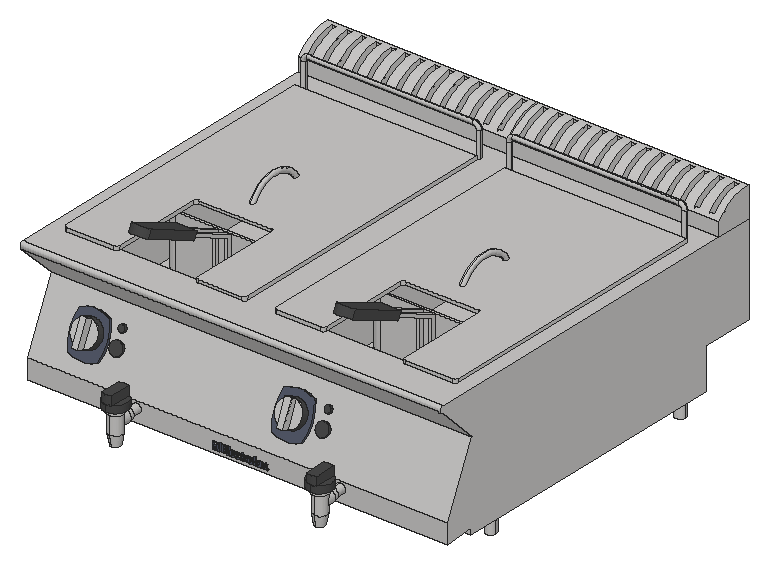
Revit family "QF_ELECTROLUXPROFESSIONAL_371423_E7KKBTAOMEI", category Attrezzature speciali, Revit 2018
Family settings
  Quota connettore circolare = Usa diametro
  Tipo di parte = Normale
  Basato su piano di lavoro = No
  Sempre verticale = Sì
  Taglio con vuoti quando caricato = No
  Condiviso = No
  Punto di calcolo locali = No
Parameters (values of type "Standard")
  Weight = 47.00 kg
  Watts = 0 W
  Volts = 0 V
  URL Manufacturer = "https://www.electroluxprofessional.com/"
  URL = "https://www.electroluxprofessional.com/"
  Steam Supply Size = 0"
  Steam Supply Minimum Pressure = 0.00 psi
  Steam Supply Maximum Pressure = 0.00 psi
  Steam Consumption per Hour = 0
  Show Logo [instance] = yes
  Show Clearance [instance] = yes
  Refrigeration Suction Line Size = 0.00 mm
  Refrigeration Liquid Line Size = 0.00 mm
  Refrigerant Compressor Remote = yes
  Phase = 0
  Modello = "E7KKBTAOMEI"
  Produttore = "Electrolux Professional"
  Length Actual = 800.00 mm  # constant formula
  Item Number = "371423"
  Hot Water Size = 0"
  Height Actual = 250.00 mm  # constant formula
  HP = "0 HP"
  Gas Size = 1/2"
  Gas KW = 14
  Gas Input Pressure = 0.469158 Btu/h
  Direct Waste Size = 0"
  Descrizione = "2X7 LITRE GAS FRYER TOP 800MM - QMARK"
  Depth Actual = 730.00 mm  # constant formula
  Cycle = 0 Hz
  Condensate Return Size = 0"
  Compressed Air Volume = 0 GPM
  Compressed Air Size = 0"
  Compressed Air Pressure = 0.00 psi
  Cold Water Size = 0"
  Base Height [instance] = 25.40 mm  # constant formula
  Accessory = yes
Values of the unnamed type that differ from the named types
  Weight = 0.00 kg
  URL Manufacturer = ""
  Item Number = ""
  HP = ""
  Gas KW = 0
  Gas Input Pressure = 0.0 Btu/h
Reference planes
  plane 1 "BACK": y = 0
  plane 2: z = 0
  plane 3 "LEFT": x = 0
  plane 4 "RIGHT": x = 800
  plane 5 "FRONT": y = -730
  plane 6 "TOP": z = 333
  plane 7 "Center Y": x = 400
  plane 8 "Center X": y = -365
  plane 9 "BASE": z = 25.4
  plane 10 "TOP A": z = 274.638
  plane 11: y = -597.884
  plane 12: y = -147.637
  plane 13: z = 366.713
Forms (mm)
  Extrusion 1, solid, material "QF_Finishes_Stainless Steel"
    sketch origin (0, 0, 0) x (0, 1, 0) y (0, 0, 1)
      loop
        line (0, 274.638) -> (-725.027, 274.638)
        arc (-725.027, 274.638) -> (-730.893, 270.718) -> (-729.517, 263.797) r 6.35
        line (-729.517, 263.797) -> (-657.416, 191.447) -> (-713.522, 70.59) -> (-713.522, 32.49) -> (-660.4, 38.1) -> (-660.4, 25.4) -> (-101.6, 25.4) -> (-101.6, 103.188) -> (0, 103.188) -> (0, 274.638)
    from 0 to 800
  Extrusion 2, solid, material "QF_Finishes_Stainless Steel"
    sketch origin (0, 0, 0) x (0, 1, 0) y (0, 0, 1)
      loop
        line (0, 274.638) -> (0, 333)
        arc (0, 333) -> (-38.795, 324.72) -> (-69.85, 300.038) r 86.758
        line (-69.85, 300.038) -> (-69.85, 274.638) -> (0, 274.638)
    from 0 to 800
  Extrusion 3, void
    sketch origin (0, 0, 274.638) x (-1, 0, 0) y (0, -1, 0)
      loop
        line (-33.338, 147.762) -> (-33.338, 655.762) -> (-373.012, 655.762) -> (-373.012, 147.762) -> (-33.338, 147.762)
      loop
        line (-766.662, 655.762) -> (-766.662, 147.762) -> (-426.987, 147.762) -> (-426.987, 655.762) -> (-766.662, 655.762)
    from 0 to -152.4
  Extrusion 4, void
    sketch origin (0, 0, 274.638) x (-1, 0, 0) y (0, -1, 0)
      loop
        line (-13.453, 6.761) -> (-13.453, 63.911) -> (-22.749, 63.911) -> (-22.749, 6.761) -> (-13.453, 6.761)
    from 25.4 to 63.5
  Extrusion 5, solid, material "QF_Finishes_Stainless Steel"
    sketch origin (0, 0, 0) x (1, 0, 0) y (0, 1, 0)
      loop
        circle (11.112, -147.638) r 9.525
      loop
        circle (11.112, -597.884) r 9.525
      loop
        circle (788.887, -147.638) r 9.525
      loop
        circle (788.887, -597.884) r 9.525
    from 0 to 25.4
  Extrusion 6, solid, material "QF_Finishes_Navy Blue"
    sketch origin (-109.537, -713.522, 70.59) x (0, 0.421077, 0.907025) y (-1, 0, 0)
      loop
        arc (101.077, -565.788) -> (66.2, -558.771) -> (31.333, -565.832) r 89.894
        arc (31.333, -565.832) -> (24.638, -594.363) -> (31.333, -622.893) r 64.14
        arc (31.333, -622.893) -> (66.2, -629.955) -> (101.077, -622.938) r 89.894
        arc (101.077, -622.938) -> (107.792, -594.363) -> (101.077, -565.788) r 64.16
      loop
        arc (101.077, -177.065) -> (66.2, -170.048) -> (31.333, -177.11) r 89.894
        arc (31.333, -177.11) -> (24.638, -205.64) -> (31.333, -234.171) r 64.14
        arc (31.333, -234.171) -> (66.2, -241.236) -> (101.077, -234.215) r 89.853
        arc (101.077, -234.215) -> (107.792, -205.64) -> (101.077, -177.065) r 64.16
    from 0 to 3.175
  Extrusion 7, solid, material "QF_Finishes_Stainless Steel"
    sketch origin (-109.537, -716.402, 71.927) x (0, 0.421077, 0.907025) y (-1, 0, 0)
      loop
        circle (68.826, -594.351) r 25.4
      loop
        circle (68.826, -205.413) r 25.4
    from 0 to 12.7
  Extrusion 8, solid, material "QF_Finishes_Stainless Steel"
    sketch origin (-109.537, -727.921, 77.275) x (0, 0.421077, 0.907025) y (-1, 0, 0)
      loop
        arc (93.558, -600.137) -> (94.226, -594.351) -> (93.558, -588.564) r 25.4
        line (93.558, -588.564) -> (44.094, -588.564)
        arc (44.094, -588.564) -> (43.426, -594.351) -> (44.094, -600.137) r 25.4
        line (44.094, -600.137) -> (93.558, -600.137)
      loop
        arc (93.558, -211.199) -> (94.226, -205.413) -> (93.558, -199.627) r 25.4
        line (93.558, -199.627) -> (44.094, -199.627)
        arc (44.094, -199.627) -> (43.426, -205.413) -> (44.094, -211.199) r 25.4
        line (44.094, -211.199) -> (93.558, -211.199)
    from 0 to 12.7
  Extrusion 9, solid, material "QF_Finishes_Black"
    sketch origin (11.113, -713.522, 70.59) x (0, 0.421077, 0.907025) y (-1, 0, 0)
      loop
        circle (93.566, -530.485) r 6.35
      loop
        circle (93.566, -138.473) r 6.35
    from 0 to 3.175
  Extrusion 10, solid, material "QF_Finishes_Black"
    sketch origin (11.113, -708.843, 80.67) x (0, 0.421077, 0.907025) y (-1, 0, 0)
      loop
        circle (50.809, -530.485) r 12.7
      loop
        circle (50.809, -138.473) r 12.7
    from 0 to 3.175
  Revolve 11, solid, material "QF_Finishes_Stainless Steel"
    sketch origin (206.375, 0, 0) x (0, 1, 0) y (0, 0, 1)
      loop
        line (-762.926, 17.277) -> (-753.917, 17.277) -> (-750.301, 37.788) -> (-750.301, 74.129) -> (-747.023, 74.129) -> (-747.023, 82.008) -> (-740.673, 82.008) -> (-740.673, 94.708) -> (-762.926, 94.708) -> (-762.926, 17.277)
      axis (-762.926, 17.277) -> (-762.926, 94.708)
    angle from 0 to 360
  Revolve 12, solid, material "QF_Finishes_Stainless Steel"
    sketch origin (206.375, 0, 0) x (0, 1, 0) y (0, 0, 1)
      loop
        line (-713.522, 57.15) -> (-764.322, 57.15) -> (-764.322, 44.847) -> (-742.357, 44.847) -> (-742.357, 46.549) -> (-733.364, 46.549) -> (-733.364, 48.596) -> (-713.522, 48.596) -> (-713.522, 57.15)
      axis (-764.322, 57.15) -> (-713.522, 57.15)
    angle from 0 to 360
  Revolve 13, solid, material "QF_Finishes_Stainless Steel"
    sketch origin (595.312, 0, 0) x (0, 1, 0) y (0, 0, 1)
      loop
        line (-762.926, 17.277) -> (-753.917, 17.277) -> (-750.301, 37.788) -> (-750.301, 74.129) -> (-747.023, 74.129) -> (-747.023, 82.008) -> (-740.673, 82.008) -> (-740.673, 94.708) -> (-762.926, 94.708) -> (-762.926, 17.277)
      axis (-762.926, 17.277) -> (-762.926, 94.708)
    angle from 0 to 360
  Revolve 14, solid, material "QF_Finishes_Stainless Steel"
    sketch origin (595.312, 0, 0) x (0, 1, 0) y (0, 0, 1)
      loop
        line (-713.522, 57.15) -> (-764.322, 57.15) -> (-764.322, 44.847) -> (-742.357, 44.847) -> (-742.357, 46.549) -> (-733.364, 46.549) -> (-733.364, 48.596) -> (-713.522, 48.596) -> (-713.522, 57.15)
      axis (-764.322, 57.15) -> (-713.522, 57.15)
    angle from 0 to 360
  Extrusion 15, solid, material "QF_Finishes_Black"
    sketch origin (206.375, -762.926, 94.708) x (0, 1, 0) y (-1, 0, 0)
      loop
        line (20.063, 9.626) -> (-20.063, 9.626)
        arc (-20.063, 9.626) -> (-22.253, 0) -> (-20.063, -9.626) r 22.253
        line (-20.063, -9.626) -> (20.063, -9.626)
        arc (20.063, -9.626) -> (22.253, 0) -> (20.063, 9.626) r 22.253
      loop
        line (20.063, -379.312) -> (-20.063, -379.312)
        arc (-20.063, -379.312) -> (-22.253, -388.937) -> (-20.063, -398.563) r 22.253
        line (-20.063, -398.563) -> (20.063, -398.563)
        arc (20.063, -398.563) -> (22.253, -388.937) -> (20.063, -379.312) r 22.253
    from 0 to 16.412
  Extrusion 16, solid, material "QF_Finishes_Stainless Steel"
    sketch origin (0, -101.6, 103.188) x (0, 0, -1) y (-1, 0, 0)
      loop
        circle (43.882, -736.5) r 6.35
    from 0 to 12.7
  Extrusion 17, solid, material "QF_Finishes_Clearance", visible <- "Show Clearance", detail levels coarse
    sketch origin (0, 0, 0) x (1, 0, 0) y (0, 1, 0)
      loop
        line (0, -731.377) -> (0, 0) -> (800, 0) -> (800, -731.377) -> (950.019, -731.377) -> (950.019, 150.019) -> (-150.019, 150.019) -> (-150.019, -731.377) -> (0, -731.377)
    from 0 to 333
  Extrusion 18, solid, material "QF_Finishes_Stainless Steel"
    sketch origin (0, 0, 274.638) x (-1, 0, 0) y (0, -1, 0)
      loop
        arc (-26.988, 655.762) -> (-28.847, 660.252) -> (-33.338, 662.112) r 6.35
        line (-33.338, 662.112) -> (-122.238, 662.112)
        arc (-122.238, 662.112) -> (-126.728, 660.252) -> (-128.588, 655.762) r 6.35
        line (-128.588, 655.762) -> (-128.588, 481.012)
        arc (-128.588, 481.012) -> (-130.447, 476.521) -> (-134.938, 474.662) r 6.35
        line (-134.938, 474.662) -> (-271.412, 474.662)
        arc (-271.412, 474.662) -> (-275.903, 476.521) -> (-277.762, 481.012) r 6.35
        line (-277.762, 481.012) -> (-277.762, 655.762)
        arc (-277.762, 655.762) -> (-279.622, 660.252) -> (-284.112, 662.112) r 6.35
        line (-284.112, 662.112) -> (-366.662, 662.112)
        arc (-366.662, 662.112) -> (-371.153, 660.252) -> (-373.012, 655.762) r 6.35
        line (-373.012, 655.762) -> (-373.012, 112.837) -> (-26.988, 112.837) -> (-26.988, 655.762)
      loop
        line (-773.012, 655.762) -> (-773.012, 112.837) -> (-426.987, 112.837) -> (-426.987, 655.762)
        arc (-426.987, 655.762) -> (-428.847, 660.252) -> (-433.337, 662.112) r 6.35
        line (-433.337, 662.112) -> (-515.887, 662.112)
        arc (-515.887, 662.112) -> (-520.378, 660.252) -> (-522.237, 655.762) r 6.35
        line (-522.237, 655.762) -> (-522.237, 481.012)
        arc (-522.237, 481.012) -> (-524.097, 476.521) -> (-528.587, 474.662) r 6.35
        line (-528.587, 474.662) -> (-665.062, 474.662)
        arc (-665.062, 474.662) -> (-669.553, 476.521) -> (-671.412, 481.012) r 6.35
        line (-671.412, 481.012) -> (-671.412, 655.762)
        arc (-671.412, 655.762) -> (-673.272, 660.252) -> (-677.762, 662.112) r 6.35
        line (-677.762, 662.112) -> (-766.662, 662.112)
        arc (-766.662, 662.112) -> (-771.153, 660.252) -> (-773.012, 655.762) r 6.35
    from 0 to 6.35
  Sweep 19, solid, material "QF_Finishes_Stainless Steel"
    path origin (0, 36.513, 0) x (1, 0, 0) y (0, 0, 1)
      loop
        line (39.688, 274.638) -> (39.688, 323.475)
        arc (39.688, 323.475) -> (41.547, 327.965) -> (46.038, 329.825) r 6.35
        line (46.038, 329.825) -> (362.669, 329.825)
        arc (362.669, 329.825) -> (367.16, 327.965) -> (369.019, 323.475) r 6.35
        line (369.019, 323.475) -> (369.019, 274.637)
    profile origin (39.688, 36.513, 299.056) x (-1, 0, 0) y (0, -1, 0)
      loop
        circle (2.09, 140.754) r 3.827
  Extrusion 20, solid, material "QF_Finishes_Black"
    sketch origin (271.462, -708.83, 366.66) x (0, 0.906308, -0.422618) y (-1, 0, 0)
      loop
        line (10.103, 47.37) -> (128.716, 47.37) -> (128.716, 84.605) -> (10.103, 84.605)
        arc (10.103, 84.605) -> (-0.124, 65.987) -> (10.103, 47.37) r 22.059
    from -15.884 to 0
  Extrusion 21, solid, material "QF_Finishes_Stainless Steel"
    sketch origin (271.463, 41.275, 0) x (0, 1, 0) y (0, 0, 1)
      loop
        line (-547.91, 165.638) -> (-547.91, 267.115) -> (-635.463, 307.942) -> (-638.147, 302.187) -> (-554.26, 263.07) -> (-554.26, 165.638) -> (-547.91, 165.638)
    from -80.476 to -74.619
  Extrusion 22, solid, material "QF_Finishes_Stainless Steel"
    sketch origin (139.588, 41.275, 0) x (0, 1, 0) y (0, 0, -1)
      loop
        line (-554.26, -263.07) -> (-638.147, -302.187) -> (-635.463, -307.942) -> (-547.91, -267.115) -> (-547.91, -165.638) -> (-554.26, -165.638) -> (-554.26, -263.07)
    from -80.476 to -74.619
  Sweep 23, solid, material "QF_Finishes_Stainless Steel"
    path origin (200.025, -0.124, 0) x (0, 1, 0) y (0, 0, 1)
      loop
        arc (-323.261, 274.638) -> (-377.7, 308.416) -> (-432.139, 274.638) r 60.757
    profile origin (200.025, -377.824, 308.416) x (0, 0, -1) y (1, 0, 0)
      loop
        circle (0, 0) r 4.353
  Sweep 24, solid, material "QF_Finishes_Stainless Steel"
    path origin (600.075, -0.124, 0) x (0, 1, 0) y (0, 0, -1)
      loop
        arc (-323.261, -274.638) -> (-377.7, -308.416) -> (-432.139, -274.638) r 60.757
    profile origin (600.075, -377.824, 308.416) x (0, 0, 1) y (-1, 0, 0)
      loop
        circle (0, 0) r 4.353
  Extrusion 25, solid, material "QF_Finishes_Black"
    sketch origin (528.637, -708.83, 366.66) x (0, 0.906308, -0.422618) y (-1, 0, 0)
      loop
        arc (10.103, -47.27) -> (-0.124, -65.887) -> (10.103, -84.505) r 22.059
        line (10.103, -84.505) -> (128.716, -84.505) -> (128.716, -47.27) -> (10.103, -47.27)
    from -15.884 to 0
  Extrusion 26, solid, material "QF_Finishes_Mesh"
    sketch origin (0, 0, 274.638) x (-1, 0, 0) y (0, -1, 0)
      loop
        arc (-116.625, 189.135) -> (-98.665, 196.575) -> (-91.225, 214.535) r 25.4
        line (-91.225, 214.535) -> (-91.225, 481.11)
        arc (-91.225, 481.11) -> (-98.665, 499.071) -> (-116.625, 506.51) r 25.4
        line (-116.625, 506.51) -> (-294.375, 506.51)
        arc (-294.375, 506.51) -> (-312.336, 499.071) -> (-319.775, 481.11) r 25.4
        line (-319.775, 481.11) -> (-319.775, 214.535)
        arc (-319.775, 214.535) -> (-312.336, 196.575) -> (-294.375, 189.135) r 25.4
        line (-294.375, 189.135) -> (-116.625, 189.135)
      loop
        arc (-116.625, 192.31) -> (-100.91, 198.82) -> (-94.4, 214.535) r 22.225
        line (-94.4, 214.535) -> (-94.4, 481.11)
        arc (-94.4, 481.11) -> (-100.91, 496.826) -> (-116.625, 503.335) r 22.225
        line (-116.625, 503.335) -> (-294.375, 503.335)
        arc (-294.375, 503.335) -> (-310.091, 496.826) -> (-316.6, 481.11) r 22.225
        line (-316.6, 481.11) -> (-316.6, 214.535)
        arc (-316.6, 214.535) -> (-310.091, 198.82) -> (-294.375, 192.31) r 22.225
        line (-294.375, 192.31) -> (-116.625, 192.31)
      loop
        line (-683.375, 189.135) -> (-505.625, 189.135)
        arc (-505.625, 189.135) -> (-487.664, 196.575) -> (-480.225, 214.535) r 25.4
        line (-480.225, 214.535) -> (-480.225, 481.11)
        arc (-480.225, 481.11) -> (-487.664, 499.071) -> (-505.625, 506.51) r 25.4
        line (-505.625, 506.51) -> (-683.375, 506.51)
        arc (-683.375, 506.51) -> (-701.335, 499.071) -> (-708.775, 481.11) r 25.4
        line (-708.775, 481.11) -> (-708.775, 214.535)
        arc (-708.775, 214.535) -> (-701.335, 196.575) -> (-683.375, 189.135) r 25.4
      loop
        line (-683.375, 192.31) -> (-505.625, 192.31)
        arc (-505.625, 192.31) -> (-489.909, 198.82) -> (-483.4, 214.535) r 22.225
        line (-483.4, 214.535) -> (-483.4, 481.11)
        arc (-483.4, 481.11) -> (-489.909, 496.826) -> (-505.625, 503.335) r 22.225
        line (-505.625, 503.335) -> (-683.375, 503.335)
        arc (-683.375, 503.335) -> (-699.09, 496.826) -> (-705.6, 481.11) r 22.225
        line (-705.6, 481.11) -> (-705.6, 214.535)
        arc (-705.6, 214.535) -> (-699.09, 198.82) -> (-683.375, 192.31) r 22.225
    from -109 to -5.315
  Extrusion 27, solid, material "QF_Finishes_Stainless Steel"
    sketch origin (528.637, 41.275, 0) x (0, 1, 0) y (0, 0, -1)
      loop
        line (-547.91, -165.638) -> (-554.26, -165.638) -> (-554.26, -263.07) -> (-638.147, -302.187) -> (-635.463, -307.942) -> (-547.91, -267.115) -> (-547.91, -165.638)
    from -80.476 to -74.619
  Extrusion 28, solid, material "QF_Finishes_Stainless Steel"
    sketch origin (660.512, 41.275, 0) x (0, 1, 0) y (0, 0, 1)
      loop
        line (-554.26, 263.07) -> (-554.26, 165.638) -> (-547.91, 165.638) -> (-547.91, 267.115) -> (-635.463, 307.942) -> (-638.147, 302.187) -> (-554.26, 263.07)
    from -80.476 to -74.619
  Sweep 29, solid, material "QF_Finishes_Stainless Steel"
    path origin (800.1, 36.513, 0) x (-1, 0, 0) y (0, 0, -1)
      loop
        line (39.788, -274.638) -> (39.788, -323.475)
        arc (39.788, -323.475) -> (41.647, -327.965) -> (46.138, -329.825) r 6.35
        line (46.138, -329.825) -> (362.769, -329.825)
        arc (362.769, -329.825) -> (367.26, -327.965) -> (369.119, -323.475) r 6.35
        line (369.119, -323.475) -> (369.119, -274.637)
    profile origin (760.312, 36.513, 299.056) x (-1, 0, 0) y (0, -1, 0)
      loop
        circle (-2.09, 140.754) r 3.827
  Extrusion 30, void
    sketch origin (361.95, 0, 274.638) x (-1, 0, 0) y (0, -1, 0)
      loop
        line (-13.403, 6.761) -> (-13.403, 63.911) -> (-22.699, 63.911) -> (-22.699, 6.761) -> (-13.403, 6.761)
    from 25.4 to 63.5
  Extrusion 31, void
    sketch origin (27.842, 0, 274.638) x (-1, 0, 0) y (0, -1, 0)
      loop
        line (-13.453, 6.761) -> (-13.453, 63.911) -> (-22.749, 63.911) -> (-22.749, 6.761) -> (-13.453, 6.761)
    from 25.4 to 63.5
  Extrusion 32, void
    sketch origin (55.685, 0, 274.638) x (-1, 0, 0) y (0, -1, 0)
      loop
        line (-13.453, 6.761) -> (-13.453, 63.911) -> (-22.749, 63.911) -> (-22.749, 6.761) -> (-13.453, 6.761)
    from 25.4 to 63.5
  Extrusion 33, void
    sketch origin (83.527, 0, 274.638) x (-1, 0, 0) y (0, -1, 0)
      loop
        line (-13.453, 6.761) -> (-13.453, 63.911) -> (-22.749, 63.911) -> (-22.749, 6.761) -> (-13.453, 6.761)
    from 25.4 to 63.5
  Extrusion 34, void
    sketch origin (111.369, 0, 274.638) x (-1, 0, 0) y (0, -1, 0)
      loop
        line (-13.453, 6.761) -> (-13.453, 63.911) -> (-22.749, 63.911) -> (-22.749, 6.761) -> (-13.453, 6.761)
    from 25.4 to 63.5
  Extrusion 35, void
    sketch origin (139.212, 0, 274.638) x (-1, 0, 0) y (0, -1, 0)
      loop
        line (-13.453, 6.761) -> (-13.453, 63.911) -> (-22.749, 63.911) -> (-22.749, 6.761) -> (-13.453, 6.761)
    from 25.4 to 63.5
  Extrusion 36, void
    sketch origin (167.054, 0, 274.638) x (-1, 0, 0) y (0, -1, 0)
      loop
        line (-13.453, 6.761) -> (-13.453, 63.911) -> (-22.749, 63.911) -> (-22.749, 6.761) -> (-13.453, 6.761)
    from 25.4 to 63.5
  Extrusion 37, void
    sketch origin (194.896, 0, 274.638) x (-1, 0, 0) y (0, -1, 0)
      loop
        line (-13.403, 6.761) -> (-13.403, 63.911) -> (-22.699, 63.911) -> (-22.699, 6.761) -> (-13.403, 6.761)
    from 25.4 to 63.5
  Extrusion 38, void
    sketch origin (222.738, 0, 274.638) x (-1, 0, 0) y (0, -1, 0)
      loop
        line (-13.403, 6.761) -> (-13.403, 63.911) -> (-22.699, 63.911) -> (-22.699, 6.761) -> (-13.403, 6.761)
    from 25.4 to 63.5
  Extrusion 39, void
    sketch origin (250.581, 0, 274.638) x (-1, 0, 0) y (0, -1, 0)
      loop
        line (-13.403, 6.761) -> (-13.403, 63.911) -> (-22.699, 63.911) -> (-22.699, 6.761) -> (-13.403, 6.761)
    from 25.4 to 63.5
  Extrusion 40, void
    sketch origin (278.423, 0, 274.638) x (-1, 0, 0) y (0, -1, 0)
      loop
        line (-13.403, 6.761) -> (-13.403, 63.911) -> (-22.699, 63.911) -> (-22.699, 6.761) -> (-13.403, 6.761)
    from 25.4 to 63.5
  Extrusion 41, void
    sketch origin (306.265, 0, 274.638) x (-1, 0, 0) y (0, -1, 0)
      loop
        line (-13.403, 6.761) -> (-13.403, 63.911) -> (-22.699, 63.911) -> (-22.699, 6.761) -> (-13.403, 6.761)
    from 25.4 to 63.5
  Extrusion 42, void
    sketch origin (334.108, 0, 274.638) x (-1, 0, 0) y (0, -1, 0)
      loop
        line (-13.403, 6.761) -> (-13.403, 63.911) -> (-22.699, 63.911) -> (-22.699, 6.761) -> (-13.403, 6.761)
    from 25.4 to 63.5
  Extrusion 43, void
    sketch origin (800.1, 0, 274.638) x (1, 0, 0) y (0, 1, 0)
      loop
        line (-13.553, -6.761) -> (-22.849, -6.761) -> (-22.849, -63.911) -> (-13.553, -63.911) -> (-13.553, -6.761)
    from 25.4 to 63.5
  Extrusion 44, void
    sketch origin (438.15, 0, 274.638) x (1, 0, 0) y (0, 1, 0)
      loop
        line (-13.503, -6.761) -> (-22.799, -6.761) -> (-22.799, -63.911) -> (-13.503, -63.911) -> (-13.503, -6.761)
    from 25.4 to 63.5
  Extrusion 45, void
    sketch origin (772.258, 0, 274.638) x (1, 0, 0) y (0, 1, 0)
      loop
        line (-13.553, -6.761) -> (-22.849, -6.761) -> (-22.849, -63.911) -> (-13.553, -63.911) -> (-13.553, -6.761)
    from 25.4 to 63.5
  Extrusion 46, void
    sketch origin (744.415, 0, 274.638) x (1, 0, 0) y (0, 1, 0)
      loop
        line (-13.553, -6.761) -> (-22.849, -6.761) -> (-22.849, -63.911) -> (-13.553, -63.911) -> (-13.553, -6.761)
    from 25.4 to 63.5
  Extrusion 47, void
    sketch origin (716.573, 0, 274.638) x (1, 0, 0) y (0, 1, 0)
      loop
        line (-13.553, -6.761) -> (-22.849, -6.761) -> (-22.849, -63.911) -> (-13.553, -63.911) -> (-13.553, -6.761)
    from 25.4 to 63.5
  Extrusion 48, void
    sketch origin (688.731, 0, 274.638) x (1, 0, 0) y (0, 1, 0)
      loop
        line (-13.553, -6.761) -> (-22.849, -6.761) -> (-22.849, -63.911) -> (-13.553, -63.911) -> (-13.553, -6.761)
    from 25.4 to 63.5
  Extrusion 49, void
    sketch origin (660.888, 0, 274.638) x (1, 0, 0) y (0, 1, 0)
      loop
        line (-13.553, -6.761) -> (-22.849, -6.761) -> (-22.849, -63.911) -> (-13.553, -63.911) -> (-13.553, -6.761)
    from 25.4 to 63.5
  Extrusion 50, void
    sketch origin (633.046, 0, 274.638) x (1, 0, 0) y (0, 1, 0)
      loop
        line (-13.553, -6.761) -> (-22.849, -6.761) -> (-22.849, -63.911) -> (-13.553, -63.911) -> (-13.553, -6.761)
    from 25.4 to 63.5
  Extrusion 51, void
    sketch origin (605.204, 0, 274.638) x (1, 0, 0) y (0, 1, 0)
      loop
        line (-13.503, -6.761) -> (-22.799, -6.761) -> (-22.799, -63.911) -> (-13.503, -63.911) -> (-13.503, -6.761)
    from 25.4 to 63.5
  Extrusion 52, void
    sketch origin (577.362, 0, 274.638) x (1, 0, 0) y (0, 1, 0)
      loop
        line (-13.503, -6.761) -> (-22.799, -6.761) -> (-22.799, -63.911) -> (-13.503, -63.911) -> (-13.503, -6.761)
    from 25.4 to 63.5
  Extrusion 53, void
    sketch origin (549.519, 0, 274.638) x (1, 0, 0) y (0, 1, 0)
      loop
        line (-13.503, -6.761) -> (-22.799, -6.761) -> (-22.799, -63.911) -> (-13.503, -63.911) -> (-13.503, -6.761)
    from 25.4 to 63.5
  Extrusion 54, void
    sketch origin (521.677, 0, 274.638) x (1, 0, 0) y (0, 1, 0)
      loop
        line (-13.503, -6.761) -> (-22.799, -6.761) -> (-22.799, -63.911) -> (-13.503, -63.911) -> (-13.503, -6.761)
    from 25.4 to 63.5
  Extrusion 55, void
    sketch origin (493.835, 0, 274.638) x (1, 0, 0) y (0, 1, 0)
      loop
        line (-13.503, -6.761) -> (-22.799, -6.761) -> (-22.799, -63.911) -> (-13.503, -63.911) -> (-13.503, -6.761)
    from 25.4 to 63.5
  Extrusion 56, void
    sketch origin (465.992, 0, 274.638) x (1, 0, 0) y (0, 1, 0)
      loop
        line (-13.503, -6.761) -> (-22.799, -6.761) -> (-22.799, -63.911) -> (-13.503, -63.911) -> (-13.503, -6.761)
    from 25.4 to 63.5
  Extrusion 57, void
    sketch origin (418.151, 0, 274.638) x (1, 0, 0) y (0, 1, 0)
      loop
        line (-16.563, 0) -> (-19.738, 0) -> (-19.738, -69.85) -> (-16.563, -69.85) -> (-16.563, 0)
    from 25.4 to 63.5
  Extrusion 58, solid, material "QF_Finishes_Navy Blue", visible <- "Show Logo"
    sketch origin (0, -713.522, 32.49) x (0, 0, 1) y (-1, 0, 0)
      loop
        line (20.674, -361.834) -> (8.307, -361.834)
        arc (8.307, -361.834) -> (14.491, -366.405) -> (20.674, -361.834) r 6.467
      loop
        arc (20.674, -361.205) -> (19.505, -356.062) -> (14.849, -353.584) r 6.338
        line (14.849, -353.584) -> (14.849, -355.63)
        arc (14.849, -355.63) -> (16.333, -359.285) -> (19.778, -361.205) r 5.941
        line (19.778, -361.205) -> (20.674, -361.205)
      loop
        arc (9.203, -361.205) -> (12.648, -359.285) -> (14.132, -355.63) r 5.941
        line (14.132, -355.63) -> (14.132, -353.584)
        arc (14.132, -353.584) -> (9.438, -356.058) -> (8.148, -361.205) r 6.504
        line (8.148, -361.205) -> (9.203, -361.205)
      loop
        line (21.349, -353.115) -> (7.604, -353.115) -> (7.604, -366.878) -> (21.349, -366.878) -> (21.349, -353.115)
      loop
        arc (21.432, -369.845) -> (21.085, -369.488) -> (20.718, -369.826) r 0.358
        arc (20.718, -369.826) -> (20.404, -370.576) -> (19.687, -370.961) r 1.216
        line (19.687, -370.961) -> (9.274, -370.961)
        arc (9.274, -370.961) -> (8.614, -370.683) -> (8.218, -370.087) r 1.238
        arc (8.218, -370.087) -> (7.823, -369.836) -> (7.518, -370.19) r 0.358
        line (7.518, -370.19) -> (7.518, -380.069) -> (10.269, -380.069) -> (10.269, -379.172)
        arc (10.269, -379.172) -> (9.36, -378.592) -> (8.904, -377.614) r 1.928
        line (8.904, -377.614) -> (8.904, -375.115)
        arc (8.904, -375.115) -> (9.18, -374.387) -> (9.868, -374.023) r 1.101
        line (9.868, -374.023) -> (13.955, -374.023) -> (13.955, -377.696)
        arc (13.955, -377.696) -> (13.602, -378.193) -> (13.037, -378.421) r 1.083
        arc (13.037, -378.421) -> (12.773, -378.726) -> (13.065, -379.005) r 0.292
        line (13.065, -379.005) -> (16.028, -379.005)
        arc (16.028, -379.005) -> (16.33, -378.732) -> (16.092, -378.402) r 0.305
        arc (16.092, -378.402) -> (15.601, -378.154) -> (15.296, -377.696) r 1.083
        line (15.296, -377.696) -> (15.296, -374.023) -> (19.973, -374.023) -> (19.973, -377.77)
        arc (19.973, -377.77) -> (19.759, -378.526) -> (19.153, -379.024) r 1.314
        arc (19.153, -379.024) -> (18.934, -379.428) -> (19.288, -379.72) r 0.361
        line (19.288, -379.72) -> (21.432, -379.72) -> (21.432, -369.845)
      loop
        arc (20.715, -380.501) -> (20.335, -381.419) -> (19.416, -381.8) r 1.299
        line (19.416, -381.8) -> (9.837, -381.8)
        arc (9.837, -381.8) -> (8.999, -381.422) -> (8.728, -380.544) r 1.118
        line (8.728, -380.544) -> (7.518, -380.544) -> (7.518, -385.894) -> (8.706, -385.894)
        arc (8.706, -385.894) -> (8.978, -384.977) -> (9.848, -384.58) r 1.153
        line (9.848, -384.58) -> (21.92, -384.58) -> (20.715, -380.501)
      loop
        line (12.483, -388.53) -> (12.483, -394.977) -> (13.282, -394.977)
        arc (13.282, -394.977) -> (15.862, -393.993) -> (17.131, -391.539) r 3.874
        line (17.131, -391.539) -> (17.131, -389.778)
        arc (17.131, -389.778) -> (15.944, -386.914) -> (13.08, -385.727) r 4.051
        line (13.08, -385.727) -> (11.072, -385.727)
        arc (11.072, -385.727) -> (8.253, -387.212) -> (7.202, -390.219) r 4.352
        arc (7.202, -390.219) -> (7.566, -392.683) -> (8.943, -394.757) r 5.713
        line (8.943, -394.757) -> (9.892, -394.757)
        arc (9.892, -394.757) -> (9.16, -393.188) -> (8.943, -391.47) r 5.579
        arc (8.943, -391.47) -> (9.737, -389.507) -> (11.616, -388.53) r 3.057
        line (11.616, -388.53) -> (12.483, -388.53)
      loop
        line (13.742, -388.53) -> (13.742, -392.112)
        arc (13.742, -392.112) -> (15.199, -392.159) -> (16.082, -390.999) r 1.59
        line (16.082, -390.999) -> (16.082, -390.17)
        arc (16.082, -390.17) -> (15.217, -388.914) -> (13.742, -388.53) r 2.184
      loop
        arc (16.533, -404.395) -> (17.022, -402.721) -> (17.179, -400.984) r 9.023
        line (17.179, -400.984) -> (17.179, -399.621)
        arc (17.179, -399.621) -> (16.02, -396.822) -> (13.22, -395.662) r 3.959
        line (13.22, -395.662) -> (10.62, -395.662)
        arc (10.62, -395.662) -> (8.338, -396.955) -> (7.221, -399.328) r 4.331
        line (7.221, -399.328) -> (7.221, -401.463)
        arc (7.221, -401.463) -> (7.729, -403.013) -> (8.651, -404.359) r 5.772
        arc (8.651, -404.359) -> (9.412, -404.409) -> (9.499, -403.651) r 0.553
        arc (9.499, -403.651) -> (9.111, -402.917) -> (8.977, -402.098) r 2.573
        line (8.977, -402.098) -> (8.977, -400.583)
        arc (8.977, -400.583) -> (9.983, -398.941) -> (11.798, -398.299) r 2.884
        line (11.798, -398.299) -> (13.077, -398.299)
        arc (13.077, -398.299) -> (14.898, -398.859) -> (15.824, -400.524) r 2.554
        line (15.824, -400.524) -> (15.824, -401.577)
        arc (15.824, -401.577) -> (15.493, -402.505) -> (14.836, -403.24) r 2.564
        arc (14.836, -403.24) -> (14.614, -403.957) -> (15.223, -404.395) r 0.643
        line (15.223, -404.395) -> (16.533, -404.395)
      loop
        line (15.515, -404.665) -> (15.515, -406.166) -> (9.467, -406.166)
        arc (9.467, -406.166) -> (7.879, -406.824) -> (7.221, -408.412) r 2.246
        line (7.221, -408.412) -> (7.221, -409.995)
        arc (7.221, -409.995) -> (7.535, -410.86) -> (8.035, -411.632) r 4.06
        arc (8.035, -411.632) -> (8.768, -411.765) -> (9.019, -411.064) r 0.576
        arc (9.019, -411.064) -> (8.913, -410.538) -> (8.977, -410.006) r 1.69
        arc (8.977, -410.006) -> (9.519, -409.218) -> (10.425, -408.915) r 1.506
        line (10.425, -408.915) -> (15.563, -408.915) -> (15.563, -411.312) -> (16.119, -411.868) -> (16.941, -411.868) -> (16.941, -409.008) -> (20.172, -409.008) -> (15.515, -404.665)
      loop
        line (7.438, -412.766) -> (7.438, -418.152) -> (8.548, -418.152)
        arc (8.548, -418.152) -> (8.942, -417.201) -> (9.893, -416.808) r 1.345
        line (9.893, -416.808) -> (13.509, -416.808)
        arc (13.509, -416.808) -> (14.274, -417.399) -> (14.564, -418.322) r 1.615
        line (14.564, -418.322) -> (14.564, -419.878) -> (17.119, -420.563) -> (17.119, -419.18) -> (15.177, -416.621) -> (17.057, -416.621) -> (16.773, -413.915)
        arc (16.773, -413.915) -> (16.333, -413.385) -> (15.674, -413.586) r 0.621
        arc (15.674, -413.586) -> (15.274, -413.928) -> (14.78, -414.111) r 1.501
        line (14.78, -414.111) -> (9.893, -414.111)
        arc (9.893, -414.111) -> (8.942, -413.717) -> (8.548, -412.766) r 1.345
        line (8.548, -412.766) -> (7.438, -412.766)
      loop
        line (13.54, -420.1) -> (10.848, -420.1)
        arc (10.848, -420.1) -> (8.403, -421.408) -> (7.269, -423.938) r 4.288
        arc (7.269, -423.938) -> (7.205, -425.318) -> (7.269, -426.699) r 15.022
        arc (7.269, -426.699) -> (8.403, -429.229) -> (10.848, -430.537) r 4.288
        line (10.848, -430.537) -> (13.54, -430.537)
        arc (13.54, -430.537) -> (15.986, -429.229) -> (17.119, -426.699) r 4.288
        arc (17.119, -426.699) -> (17.183, -425.318) -> (17.119, -423.938) r 15.022
        arc (17.119, -423.938) -> (15.986, -421.408) -> (13.54, -420.1) r 4.288
      loop
        line (13.745, -423.214) -> (10.643, -423.214)
        arc (10.643, -423.214) -> (8.486, -425.371) -> (10.643, -427.528) r 2.157
        line (10.643, -427.528) -> (13.745, -427.528)
        arc (13.745, -427.528) -> (15.902, -425.371) -> (13.745, -423.214) r 2.157
      loop
        arc (20.726, -430.395) -> (20.355, -431.289) -> (19.461, -431.66) r 1.264
        line (19.461, -431.66) -> (9.597, -431.66)
        arc (9.597, -431.66) -> (8.727, -431.263) -> (8.455, -430.346) r 1.153
        line (8.455, -430.346) -> (7.518, -430.346) -> (7.518, -435.455) -> (8.446, -435.455)
        arc (8.446, -435.455) -> (8.805, -434.683) -> (9.597, -434.368) r 1.153
        line (9.597, -434.368) -> (21.92, -434.368) -> (20.726, -430.395)
      loop
        arc (15.846, -434.992) -> (15.647, -436.057) -> (14.678, -436.539) r 1.215
        line (14.678, -436.539) -> (9.658, -436.539)
        arc (9.658, -436.539) -> (8.043, -437.186) -> (7.322, -438.769) r 2.338
        line (7.322, -438.769) -> (7.322, -440.283)
        arc (7.322, -440.283) -> (7.497, -441.287) -> (7.999, -442.174) r 2.979
        line (7.999, -442.174) -> (7.518, -443.97) -> (7.518, -445.659) -> (16.943, -445.659) -> (16.649, -441.456) -> (15.863, -441.456)
        arc (15.863, -441.456) -> (15.507, -442.292) -> (14.755, -442.8) r 1.605
        line (14.755, -442.8) -> (9.652, -442.8)
        arc (9.652, -442.8) -> (9.232, -441.864) -> (9.159, -440.84) r 2.94
        arc (9.159, -440.84) -> (9.72, -439.739) -> (10.873, -439.296) r 1.724
        line (10.873, -439.296) -> (17.07, -439.296) -> (15.846, -434.992)
      loop
        line (16.874, -446.512) -> (15.202, -448.559) -> (12.028, -450.865) -> (8.572, -447.753)
        arc (8.572, -447.753) -> (8.335, -447.359) -> (8.357, -446.9) r 0.789
        line (8.357, -446.9) -> (7.518, -446.9) -> (7.518, -450.445) -> (8.344, -450.445)
        arc (8.344, -450.445) -> (8.686, -450.083) -> (9.176, -450.175) r 0.52
        line (9.176, -450.175) -> (10.976, -451.646) -> (8.858, -453.021)
        arc (8.858, -453.021) -> (8.457, -452.711) -> (8.37, -452.212) r 0.7
        line (8.37, -452.212) -> (7.518, -452.212) -> (7.518, -458.139) -> (8.405, -458.139)
        arc (8.405, -458.139) -> (8.472, -457.48) -> (8.866, -456.948) r 1.247
        line (8.866, -456.948) -> (13.066, -453.667) -> (15.513, -455.721) -> (16.874, -457.463) -> (16.874, -453.739) -> (15.389, -454.161) -> (13.868, -452.885) -> (15.568, -451.694) -> (16.874, -452.471) -> (16.874, -446.512)
    from 0 to 1.644
Cuts and joins
  Extrusion 3, Extrusion 4 cuts Extrusion 1
  Extrusion 4, Extrusion 30, Extrusion 31, Extrusion 32, Extrusion 33, Extrusion 34, Extrusion 35, Extrusion 36, Extrusion 37, Extrusion 38, Extrusion 39, Extrusion 40, Extrusion 41, Extrusion 42, Extrusion 43, Extrusion 44, Extrusion 45, Extrusion 46, Extrusion 47, Extrusion 48, Extrusion 49, Extrusion 50, Extrusion 51, Extrusion 52, Extrusion 53, Extrusion 54, Extrusion 55, Extrusion 56, Extrusion 57 cuts Extrusion 2
  joined: Extrusion 7, Extrusion 8
  joined: Extrusion 18, Sweep 23, Sweep 24
  Extrusion 30, Extrusion 31, Extrusion 32, Extrusion 33, Extrusion 34, Extrusion 35, Extrusion 36, Extrusion 37, Extrusion 38, Extrusion 39, Extrusion 40, Extrusion 41, Extrusion 42, Extrusion 43, Extrusion 44, Extrusion 45, Extrusion 46, Extrusion 47, Extrusion 48, Extrusion 49, Extrusion 50, Extrusion 51, Extrusion 52, Extrusion 53, Extrusion 54, Extrusion 55, Extrusion 56, Extrusion 57 cuts Extrusion 17
Lines and regions (mm)
  symbolic lines, style "QF-Clearances", visible <- "Show Clearance", detail levels coarse
    curve 1: line (-150.019, 150.019, 274.638) -> (-150.019, -731.377, 274.638)
    curve 2: line (950.019, 150.019, 274.638) -> (-150.019, 150.019, 274.638)
    curve 3: line (950.019, -731.377, 274.638) -> (950.019, 150.019, 274.638)
  symbolic lines
    curve 4: line (0, 0, 274.638) -> (800, 0, 274.638)
    curve 5: line (0, -730, 274.638) -> (0, 0, 274.638)
    curve 6: line (800, -730, 274.638) -> (0, -730, 274.638)
    curve 7: line (800, 0, 274.638) -> (800, -730, 274.638)
    curve 8: line (22.699, -6.761, 274.638) -> (22.699, -63.911, 274.638)
    curve 9: line (13.403, -63.911, 274.638) -> (13.403, -6.761, 274.638)
    curve 10: line (13.403, -6.761, 274.638) -> (22.699, -6.761, 274.638)
    curve 11: line (26.937, -112.837, 274.638) -> (26.937, -655.762, 274.638)
    curve 12: arc (26.937, -655.762, 274.638) -> (28.812, -660.287, 274.638) -> (33.338, -662.162, 274.638) r 6.4
    curve 13: line (33.338, -662.162, 274.638) -> (122.188, -662.162, 274.638)
    curve 14: arc (122.188, -662.162, 274.638) -> (126.678, -660.302, 274.638) -> (128.538, -655.812, 274.638) r 6.35
    curve 15: line (128.538, -655.812, 274.638) -> (128.538, -481.012, 274.638)
    curve 16: arc (128.537, -481.012, 274.638) -> (130.397, -476.521, 274.638) -> (134.887, -474.662, 274.638) r 6.35
    curve 17: line (134.887, -474.662, 274.638) -> (271.412, -474.662, 274.638)
    curve 18: arc (271.412, -474.662, 274.638) -> (275.903, -476.521, 274.638) -> (277.762, -481.012, 274.638) r 6.35
    curve 19: line (277.762, -481.012, 274.638) -> (277.762, -655.812, 274.638)
    curve 20: arc (277.762, -655.812, 274.638) -> (279.622, -660.302, 274.638) -> (284.112, -662.162, 274.638) r 6.35
    curve 21: line (284.112, -662.162, 274.638) -> (366.662, -662.162, 274.638)
    curve 22: arc (366.662, -662.162, 274.638) -> (371.153, -660.302, 274.638) -> (373.012, -655.812, 274.638) r 6.35
    curve 23: line (373.012, -655.812, 274.638) -> (373.012, -112.837, 274.638)
    curve 24: line (373.012, -112.837, 274.638) -> (26.937, -112.837, 274.638)
    curve 25: line (0, -69.85, 274.638) -> (398.412, -69.85, 274.638)
    curve 26: line (224.093, -706.436, 274.638) -> (224.093, -592.174, 274.638)
    curve 27: line (224.093, -592.174, 274.638) -> (186.858, -592.174, 274.638)
    curve 28: line (186.858, -592.174, 274.638) -> (186.858, -706.436, 274.638)
    curve 29: spline (224.093, -706.436, 274.638) -> (221.86, -709.098, 274.638) -> (219.17, -711.386, 274.638) -> (216.096, -713.235, 274.638) -> (212.725, -714.594, 274.638) -> (209.152, -715.425, 274.638) -> (205.475, -715.705, 274.638) -> (201.799, -715.425, 274.638) -> (198.225, -714.594, 274.638) -> (194.855, -713.235, 274.638) -> (191.781, -711.386, 274.638) -> (189.09, -709.098, 274.638) -> (186.858, -706.436, 274.638)
    curve 30: line (128.538, -655.812, 274.638) -> (186.858, -655.812, 274.638)
    curve 31: line (224.093, -655.812, 274.638) -> (277.762, -655.812, 274.638)
    curve 32: line (196.794, -506.51, 274.638) -> (196.794, -592.174, 274.638)
    curve 33: line (190.937, -592.174, 274.638) -> (190.937, -506.51, 274.638)
    curve 34: line (220.014, -506.51, 274.638) -> (220.014, -592.174, 274.638)
    curve 35: line (214.157, -592.174, 274.638) -> (214.157, -506.51, 274.638)
    curve 36: spline (186.858, -699.723, 274.638) -> (189.09, -702.386, 274.638) -> (191.781, -704.673, 274.638) -> (194.855, -706.523, 274.638) -> (198.225, -707.882, 274.638) -> (201.799, -708.713, 274.638) -> (205.475, -708.992, 274.638) -> (209.152, -708.713, 274.638) -> (212.725, -707.882, 274.638) -> (216.096, -706.523, 274.638) -> (219.17, -704.673, 274.638) -> (221.86, -702.386, 274.638) -> (224.093, -699.723, 274.638)
    curve 37: line (195.52, -428.432, 274.638) -> (195.52, -326.969, 274.638)
    curve 38: line (204.418, -326.969, 274.638) -> (204.418, -428.432, 274.638)
    curve 39: arc (195.52, -428.432, 274.638) -> (199.969, -432.882, 274.638) -> (204.418, -428.432, 274.638) r 4.449
    curve 40: arc (195.52, -326.969, 274.638) -> (199.969, -322.52, 274.638) -> (204.418, -326.969, 274.638) r 4.449
    curve 41: line (128.538, -503.335, 274.638) -> (277.762, -503.335, 274.638)
    curve 42: line (128.538, -506.51, 274.638) -> (277.762, -506.51, 274.638)
    curve 43: line (773.012, -112.837, 274.638) -> (773.012, -655.762, 274.638)
    curve 44: arc (773.012, -655.762, 274.638) -> (771.153, -660.252, 274.638) -> (766.662, -662.112, 274.638) r 6.35
    curve 45: line (766.662, -662.112, 274.638) -> (677.762, -662.112, 274.638)
    curve 46: arc (677.762, -662.112, 274.638) -> (673.272, -660.252, 274.638) -> (671.412, -655.762, 274.638) r 6.35
    curve 47: line (671.412, -655.762, 274.638) -> (671.412, -481.012, 274.638)
    curve 48: arc (671.413, -481.012, 274.638) -> (669.553, -476.521, 274.638) -> (665.063, -474.662, 274.638) r 6.35
    curve 49: line (665.063, -474.662, 274.638) -> (528.538, -474.662, 274.638)
    curve 50: arc (528.538, -474.662, 274.638) -> (524.047, -476.521, 274.638) -> (522.188, -481.012, 274.638) r 6.35
    curve 51: line (522.188, -481.012, 274.638) -> (522.188, -655.762, 274.638)
    curve 52: arc (522.188, -655.762, 274.638) -> (520.328, -660.252, 274.638) -> (515.838, -662.112, 274.638) r 6.35
    curve 53: line (515.838, -662.112, 274.638) -> (433.338, -662.112, 274.638)
    curve 54: arc (433.338, -662.112, 274.638) -> (428.847, -660.252, 274.638) -> (426.988, -655.762, 274.638) r 6.35
    curve 55: line (426.988, -655.762, 274.638) -> (426.988, -112.837, 274.638)
    curve 56: line (426.988, -112.837, 274.638) -> (773.012, -112.837, 274.638)
    curve 57: line (575.857, -706.386, 274.638) -> (575.857, -592.174, 274.638)
    curve 58: line (575.857, -592.174, 274.638) -> (613.092, -592.174, 274.638)
    curve 59: line (613.092, -592.174, 274.638) -> (613.092, -706.386, 274.638)
    curve 60: spline (575.857, -706.386, 274.638) -> (578.09, -709.048, 274.638) -> (580.78, -711.336, 274.638) -> (583.854, -713.185, 274.638) -> (587.225, -714.544, 274.638) -> (590.798, -715.375, 274.638) -> (594.475, -715.655, 274.638) -> (598.151, -715.375, 274.638) -> (601.725, -714.544, 274.638) -> (605.095, -713.185, 274.638) -> (608.169, -711.336, 274.638) -> (610.86, -709.048, 274.638) -> (613.092, -706.386, 274.638)
    curve 61: line (671.412, -655.762, 274.638) -> (613.092, -655.762, 274.638)
    curve 62: line (575.857, -655.762, 274.638) -> (522.188, -655.762, 274.638)
    curve 63: line (603.156, -506.51, 274.638) -> (603.156, -592.174, 274.638)
    curve 64: line (609.013, -592.174, 274.638) -> (609.013, -506.51, 274.638)
    curve 65: line (579.936, -506.51, 274.638) -> (579.936, -592.174, 274.638)
    curve 66: line (585.793, -592.174, 274.638) -> (585.793, -506.51, 274.638)
    curve 67: spline (613.092, -699.673, 274.638) -> (610.86, -702.336, 274.638) -> (608.169, -704.623, 274.638) -> (605.095, -706.473, 274.638) -> (601.725, -707.832, 274.638) -> (598.151, -708.663, 274.638) -> (594.475, -708.942, 274.638) -> (590.798, -708.663, 274.638) -> (587.225, -707.832, 274.638) -> (583.854, -706.473, 274.638) -> (580.78, -704.623, 274.638) -> (578.09, -702.336, 274.638) -> (575.857, -699.673, 274.638)
    curve 68: line (604.43, -428.432, 274.638) -> (604.43, -326.969, 274.638)
    curve 69: line (595.532, -326.969, 274.638) -> (595.532, -428.432, 274.638)
    curve 70: arc (604.43, -428.432, 274.638) -> (599.981, -432.882, 274.638) -> (595.532, -428.432, 274.638) r 4.449
    curve 71: arc (604.43, -326.969, 274.638) -> (599.981, -322.52, 274.638) -> (595.532, -326.969, 274.638) r 4.449
    curve 72: line (671.412, -503.335, 274.638) -> (522.188, -503.335, 274.638)
    curve 73: line (671.412, -506.51, 274.638) -> (522.188, -506.51, 274.638)
    curve 74: line (37.548, -100.414, 274.638) -> (371.109, -100.414, 274.638)
    curve 75: line (37.548, -108.069, 274.638) -> (37.548, -100.414, 274.638)
    curve 76: line (371.109, -108.069, 274.638) -> (37.548, -108.069, 274.638)
    curve 77: line (371.109, -100.414, 274.638) -> (371.109, -108.069, 274.638)
    curve 78: line (428.891, -100.414, 274.638) -> (762.402, -100.414, 274.638)
    curve 79: line (428.891, -108.069, 274.638) -> (428.891, -100.414, 274.638)
    curve 80: line (762.402, -108.069, 274.638) -> (428.891, -108.069, 274.638)
    curve 81: line (762.402, -100.414, 274.638) -> (762.402, -108.069, 274.638)
    curve 82: arc (206.325, -785.179, 274.638) -> (228.578, -762.926, 274.638) -> (206.325, -740.673, 274.638) r 22.253
    curve 83: arc (206.325, -740.673, 274.638) -> (184.072, -762.926, 274.638) -> (206.325, -785.179, 274.638) r 22.253
    curve 84: line (196.699, -742.863, 274.638) -> (196.699, -782.989, 274.638)
    curve 85: line (215.951, -782.989, 274.638) -> (215.951, -742.863, 274.638)
    curve 86: line (217.439, -743.647, 274.638) -> (217.439, -730, 274.638)
    curve 87: line (195.318, -743.586, 274.638) -> (195.318, -730, 274.638)
    curve 88: arc (593.625, -785.179, 274.638) -> (571.372, -762.926, 274.638) -> (593.625, -740.673, 274.638) r 22.253
    curve 89: arc (593.625, -740.673, 274.638) -> (615.878, -762.926, 274.638) -> (593.625, -785.179, 274.638) r 22.253
    curve 90: line (603.251, -742.863, 274.638) -> (603.251, -782.989, 274.638)
    curve 91: line (583.999, -782.989, 274.638) -> (583.999, -742.863, 274.638)
    curve 92: line (582.511, -743.647, 274.638) -> (582.511, -730, 274.638)
    curve 93: line (604.632, -743.586, 274.638) -> (604.632, -730, 274.638)
    curve 94: line (384.649, -6.761, 274.638) -> (384.649, -63.911, 274.638)
    curve 95: line (375.353, -63.911, 274.638) -> (375.353, -6.761, 274.638)
    curve 96: line (375.353, -6.761, 274.638) -> (384.649, -6.761, 274.638)
    curve 97: line (50.541, -6.761, 274.638) -> (50.541, -63.911, 274.638)
    curve 98: line (41.245, -63.911, 274.638) -> (41.245, -6.761, 274.638)
    curve 99: line (41.245, -6.761, 274.638) -> (50.541, -6.761, 274.638)
    curve 100: line (78.383, -6.761, 274.638) -> (78.383, -63.911, 274.638)
    curve 101: line (69.087, -63.911, 274.638) -> (69.087, -6.761, 274.638)
    curve 102: line (69.087, -6.761, 274.638) -> (78.383, -6.761, 274.638)
    curve 103: line (106.225, -6.761, 274.638) -> (106.225, -63.911, 274.638)
    curve 104: line (96.93, -63.911, 274.638) -> (96.93, -6.761, 274.638)
    curve 105: line (96.93, -6.761, 274.638) -> (106.225, -6.761, 274.638)
    curve 106: line (134.068, -6.761, 274.638) -> (134.068, -63.911, 274.638)
    curve 107: line (124.772, -63.911, 274.638) -> (124.772, -6.761, 274.638)
    curve 108: line (124.772, -6.761, 274.638) -> (134.068, -6.761, 274.638)
    curve 109: line (161.91, -6.761, 274.638) -> (161.91, -63.911, 274.638)
    curve 110: line (152.614, -63.911, 274.638) -> (152.614, -6.761, 274.638)
    curve 111: line (152.614, -6.761, 274.638) -> (161.91, -6.761, 274.638)
    curve 112: line (189.752, -6.761, 274.638) -> (189.752, -63.911, 274.638)
    curve 113: line (180.457, -63.911, 274.638) -> (180.457, -6.761, 274.638)
    curve 114: line (180.457, -6.761, 274.638) -> (189.752, -6.761, 274.638)
    curve 115: line (217.595, -6.761, 274.638) -> (217.595, -63.911, 274.638)
    curve 116: line (208.299, -63.911, 274.638) -> (208.299, -6.761, 274.638)
    curve 117: line (208.299, -6.761, 274.638) -> (217.595, -6.761, 274.638)
    curve 118: line (245.437, -6.761, 274.638) -> (245.437, -63.911, 274.638)
    curve 119: line (236.141, -63.911, 274.638) -> (236.141, -6.761, 274.638)
    curve 120: line (236.141, -6.761, 274.638) -> (245.437, -6.761, 274.638)
    curve 121: line (273.279, -6.761, 274.638) -> (273.279, -63.911, 274.638)
    curve 122: line (263.984, -63.911, 274.638) -> (263.984, -6.761, 274.638)
    curve 123: line (263.984, -6.761, 274.638) -> (273.279, -6.761, 274.638)
    curve 124: line (301.122, -6.761, 274.638) -> (301.122, -63.911, 274.638)
    curve 125: line (291.826, -63.911, 274.638) -> (291.826, -6.761, 274.638)
    curve 126: line (291.826, -6.761, 274.638) -> (301.122, -6.761, 274.638)
    curve 127: line (328.964, -6.761, 274.638) -> (328.964, -63.911, 274.638)
    curve 128: line (319.668, -63.911, 274.638) -> (319.668, -6.761, 274.638)
    curve 129: line (319.668, -6.761, 274.638) -> (328.964, -6.761, 274.638)
    curve 130: line (356.806, -6.761, 274.638) -> (356.806, -63.911, 274.638)
    curve 131: line (347.511, -63.911, 274.638) -> (347.511, -6.761, 274.638)
    curve 132: line (347.511, -6.761, 274.638) -> (356.806, -6.761, 274.638)
    curve 133: line (777.251, -6.761, 274.638) -> (777.251, -63.911, 274.638)
    curve 134: line (786.547, -63.911, 274.638) -> (786.547, -6.761, 274.638)
    curve 135: line (786.547, -6.761, 274.638) -> (777.251, -6.761, 274.638)
    curve 136: line (415.301, -6.761, 274.638) -> (415.301, -63.911, 274.638)
    curve 137: line (424.597, -63.911, 274.638) -> (424.597, -6.761, 274.638)
    curve 138: line (424.597, -6.761, 274.638) -> (415.301, -6.761, 274.638)
    curve 139: line (749.409, -6.761, 274.638) -> (749.409, -63.911, 274.638)
    curve 140: line (758.705, -63.911, 274.638) -> (758.705, -6.761, 274.638)
    curve 141: line (758.705, -6.761, 274.638) -> (749.409, -6.761, 274.638)
    curve 142: line (721.567, -6.761, 274.638) -> (721.567, -63.911, 274.638)
    curve 143: line (730.863, -63.911, 274.638) -> (730.863, -6.761, 274.638)
    curve 144: line (730.863, -6.761, 274.638) -> (721.567, -6.761, 274.638)
    curve 145: line (693.725, -6.761, 274.638) -> (693.725, -63.911, 274.638)
    curve 146: line (703.02, -63.911, 274.638) -> (703.02, -6.761, 274.638)
    curve 147: line (703.02, -6.761, 274.638) -> (693.725, -6.761, 274.638)
    curve 148: line (665.882, -6.761, 274.638) -> (665.882, -63.911, 274.638)
    curve 149: line (675.178, -63.911, 274.638) -> (675.178, -6.761, 274.638)
    curve 150: line (675.178, -6.761, 274.638) -> (665.882, -6.761, 274.638)
    curve 151: line (638.04, -6.761, 274.638) -> (638.04, -63.911, 274.638)
    curve 152: line (647.336, -63.911, 274.638) -> (647.336, -6.761, 274.638)
    curve 153: line (647.336, -6.761, 274.638) -> (638.04, -6.761, 274.638)
    curve 154: line (610.198, -6.761, 274.638) -> (610.198, -63.911, 274.638)
    curve 155: line (619.493, -63.911, 274.638) -> (619.493, -6.761, 274.638)
    curve 156: line (619.493, -6.761, 274.638) -> (610.198, -6.761, 274.638)
    curve 157: line (582.355, -6.761, 274.638) -> (582.355, -63.911, 274.638)
    curve 158: line (591.651, -63.911, 274.638) -> (591.651, -6.761, 274.638)
    curve 159: line (591.651, -6.761, 274.638) -> (582.355, -6.761, 274.638)
    curve 160: line (554.513, -6.761, 274.638) -> (554.513, -63.911, 274.638)
    curve 161: line (563.809, -63.911, 274.638) -> (563.809, -6.761, 274.638)
    curve 162: line (563.809, -6.761, 274.638) -> (554.513, -6.761, 274.638)
    curve 163: line (526.671, -6.761, 274.638) -> (526.671, -63.911, 274.638)
    curve 164: line (535.966, -63.911, 274.638) -> (535.966, -6.761, 274.638)
    curve 165: line (535.966, -6.761, 274.638) -> (526.671, -6.761, 274.638)
    curve 166: line (498.828, -6.761, 274.638) -> (498.828, -63.911, 274.638)
    curve 167: line (508.124, -63.911, 274.638) -> (508.124, -6.761, 274.638)
    curve 168: line (508.124, -6.761, 274.638) -> (498.828, -6.761, 274.638)
    curve 169: line (470.986, -6.761, 274.638) -> (470.986, -63.911, 274.638)
    curve 170: line (480.282, -63.911, 274.638) -> (480.282, -6.761, 274.638)
    curve 171: line (480.282, -6.761, 274.638) -> (470.986, -6.761, 274.638)
    curve 172: line (443.144, -6.761, 274.638) -> (443.144, -63.911, 274.638)
    curve 173: line (452.439, -63.911, 274.638) -> (452.439, -6.761, 274.638)
    curve 174: line (452.439, -6.761, 274.638) -> (443.144, -6.761, 274.638)
    curve 175: line (401.587, -69.85, 274.638) -> (401.587, 0, 274.638)
    curve 176: line (398.412, 0, 274.638) -> (398.412, -69.85, 274.638)
    curve 177: line (401.587, -69.85, 274.638) -> (800, -69.85, 274.638)
  symbolic lines, style "SpecialityEquipment"
    curve 178: line (13.453, -63.911, 0) -> (22.749, -63.911, 0)
    curve 179: line (375.403, -63.911, 0) -> (384.699, -63.911, 0)
    curve 180: line (41.295, -63.911, 0) -> (50.591, -63.911, 0)
    curve 181: line (69.137, -63.911, 0) -> (78.433, -63.911, 0)
    curve 182: line (96.98, -63.911, 0) -> (106.275, -63.911, 0)
    curve 183: line (124.822, -63.911, 0) -> (134.118, -63.911, 0)
    curve 184: line (152.664, -63.911, 0) -> (161.96, -63.911, 0)
    curve 185: line (180.507, -63.911, 0) -> (189.802, -63.911, 0)
    curve 186: line (208.349, -63.911, 0) -> (217.645, -63.911, 0)
    curve 187: line (236.191, -63.911, 0) -> (245.487, -63.911, 0)
    curve 188: line (264.034, -63.911, 0) -> (273.329, -63.911, 0)
    curve 189: line (291.876, -63.911, 0) -> (301.172, -63.911, 0)
    curve 190: line (319.718, -63.911, 0) -> (329.014, -63.911, 0)
    curve 191: line (347.561, -63.911, 0) -> (356.856, -63.911, 0)
    curve 192: line (786.647, -63.911, 0) -> (777.351, -63.911, 0)
    curve 193: line (424.697, -63.911, 0) -> (415.401, -63.911, 0)
    curve 194: line (758.805, -63.911, 0) -> (749.509, -63.911, 0)
    curve 195: line (730.963, -63.911, 0) -> (721.667, -63.911, 0)
    curve 196: line (703.12, -63.911, 0) -> (693.825, -63.911, 0)
    curve 197: line (675.278, -63.911, 0) -> (665.982, -63.911, 0)
    curve 198: line (647.436, -63.911, 0) -> (638.14, -63.911, 0)
    curve 199: line (619.593, -63.911, 0) -> (610.298, -63.911, 0)
    curve 200: line (591.751, -63.911, 0) -> (582.455, -63.911, 0)
    curve 201: line (563.909, -63.911, 0) -> (554.613, -63.911, 0)
    curve 202: line (536.066, -63.911, 0) -> (526.771, -63.911, 0)
    curve 203: line (508.224, -63.911, 0) -> (498.928, -63.911, 0)
    curve 204: line (480.382, -63.911, 0) -> (471.086, -63.911, 0)
    curve 205: line (452.539, -63.911, 0) -> (443.244, -63.911, 0)
Dimensions and locks
  equal spacing: plane 3 "LEFT", plane 7 "Center Y", plane 4 "RIGHT"
  plane 3 "LEFT" to plane 4 "RIGHT" = 800.00 mm
  equal spacing: plane 5 "FRONT", plane 8 "Center X", plane 1 "BACK"
  plane 5 "FRONT" to plane 1 "BACK" = 730.00 mm
  plane 6 "TOP" to level = 333.00 mm
  "Base Height": plane 9 "BASE" to level
  plane 1 "BACK" to plane 5 "FRONT" = 730.00 mm
  plane 10 "TOP A" to plane 9 "BASE" = 249.238 mm
  plane 13 to plane 10 "TOP A" = 92.075 mm
  plane 4 "RIGHT" to Extrusion 16 sketch curve = 63.50 mm
  aligned and locked: level to plane 2
  aligned and locked: plane 4 "RIGHT" to Extrusion 1
  aligned and locked: plane 4 "RIGHT" to Extrusion 2
  aligned and locked: Extrusion 5 to plane 9 "BASE"
  aligned and locked: plane 6 "TOP" to Extrusion 17
Automatic sketch dimensions
  plane 1 "BACK" to Extrusion 4 sketch curve = 6.761 mm
  plane 3 "LEFT" to Extrusion 4 sketch curve = 22.749 mm
  Extrusion 4 sketch curve to Extrusion 4 sketch curve = 9.296 mm
  Extrusion 4 sketch curve to Extrusion 4 sketch curve = 57.15 mm
  Extrusion 20 sketch curve to plane 7 "Center Y" = 175.907 mm
  Extrusion 20 sketch curve to Extrusion 20 sketch curve = 0.00 mm
  Extrusion 20 sketch curve to Extrusion 20 sketch curve = 11.832 mm
  Extrusion 20 sketch curve to Extrusion 20 sketch curve = 106.78 mm
  Extrusion 20 sketch curve to Extrusion 20 sketch curve = 18.617 mm
  Extrusion 21 sketch curve to plane 11 = 1.013 mm
  Extrusion 21 sketch curve to plane 11 = 3.696 mm
  Extrusion 21 sketch curve to plane 10 "TOP A" = 11.567 mm
  Extrusion 21 sketch curve to plane 11 = 84.899 mm
  Extrusion 21 sketch curve to plane 10 "TOP A" = 7.522 mm
  Extrusion 21 sketch curve to Extrusion 21 sketch curve = 6.35 mm
  Extrusion 21 sketch curve to Extrusion 21 sketch curve = 97.432 mm
  Extrusion 22 sketch curve to plane 11 = 1.013 mm
  Extrusion 22 sketch curve to plane 11 = 3.696 mm
  Extrusion 22 sketch curve to plane 10 "TOP A" = 11.567 mm
  Extrusion 22 sketch curve to plane 11 = 84.899 mm
  Extrusion 22 sketch curve to Extrusion 22 sketch curve = 6.35 mm
  Extrusion 22 sketch curve to plane 10 "TOP A" = 7.522 mm
  Extrusion 22 sketch curve to Extrusion 22 sketch curve = 97.432 mm
  Sweep 23 sketch curve to plane 10 "TOP A" = 0.00 mm  (x2)
  Sweep 23 sketch curve to plane 8 "Center X" = 67.263 mm
  Sweep 23 sketch curve to plane 8 "Center X" = 12.824 mm
  Sweep 23 sketch curve to plane 10 "TOP A" = 26.978 mm
  Sweep 23 sketch curve to profile plane = 0.00 mm  (x2)
  Sweep 24 sketch curve to plane 10 "TOP A" = 0.00 mm  (x2)
  Sweep 24 sketch curve to plane 8 "Center X" = 67.263 mm
  Sweep 24 sketch curve to plane 8 "Center X" = 12.824 mm
  Sweep 24 sketch curve to plane 10 "TOP A" = 26.978 mm
  Sweep 24 sketch curve to profile plane = 0.00 mm
  profile plane to Sweep 24 sketch curve = 0.00 mm
  plane 7 "Center Y" to Extrusion 25 sketch curve = 175.907 mm
  Extrusion 25 sketch curve to Extrusion 25 sketch curve = 0.00 mm
  Extrusion 25 sketch curve to Extrusion 25 sketch curve = 11.832 mm
  Extrusion 25 sketch curve to Extrusion 25 sketch curve = 106.78 mm
  Extrusion 25 sketch curve to Extrusion 25 sketch curve = 18.617 mm
  Extrusion 27 sketch curve to plane 11 = 1.013 mm
  Extrusion 27 sketch curve to plane 11 = 3.696 mm
  Extrusion 27 sketch curve to plane 10 "TOP A" = 11.567 mm
  Extrusion 27 sketch curve to plane 11 = 84.899 mm
  Extrusion 27 sketch curve to plane 10 "TOP A" = 7.522 mm
  Extrusion 27 sketch curve to Extrusion 27 sketch curve = 6.35 mm
  Extrusion 27 sketch curve to Extrusion 27 sketch curve = 97.432 mm
  Extrusion 28 sketch curve to plane 11 = 1.013 mm
  Extrusion 28 sketch curve to plane 11 = 3.696 mm
  Extrusion 28 sketch curve to plane 10 "TOP A" = 11.567 mm
  Extrusion 28 sketch curve to plane 11 = 84.899 mm
  Extrusion 28 sketch curve to Extrusion 28 sketch curve = 6.35 mm
  Extrusion 28 sketch curve to Extrusion 28 sketch curve = 97.432 mm
  Extrusion 28 sketch curve to plane 10 "TOP A" = 7.522 mm
  plane 1 "BACK" to Extrusion 30 sketch curve = 6.761 mm
  Extrusion 30 sketch curve to plane 7 "Center Y" = 15.351 mm
  Extrusion 30 sketch curve to Extrusion 30 sketch curve = 9.296 mm
  Extrusion 30 sketch curve to Extrusion 30 sketch curve = 57.15 mm
  plane 1 "BACK" to Extrusion 31 sketch curve = 6.761 mm
  plane 3 "LEFT" to Extrusion 31 sketch curve = 50.591 mm
  Extrusion 31 sketch curve to Extrusion 31 sketch curve = 9.296 mm
